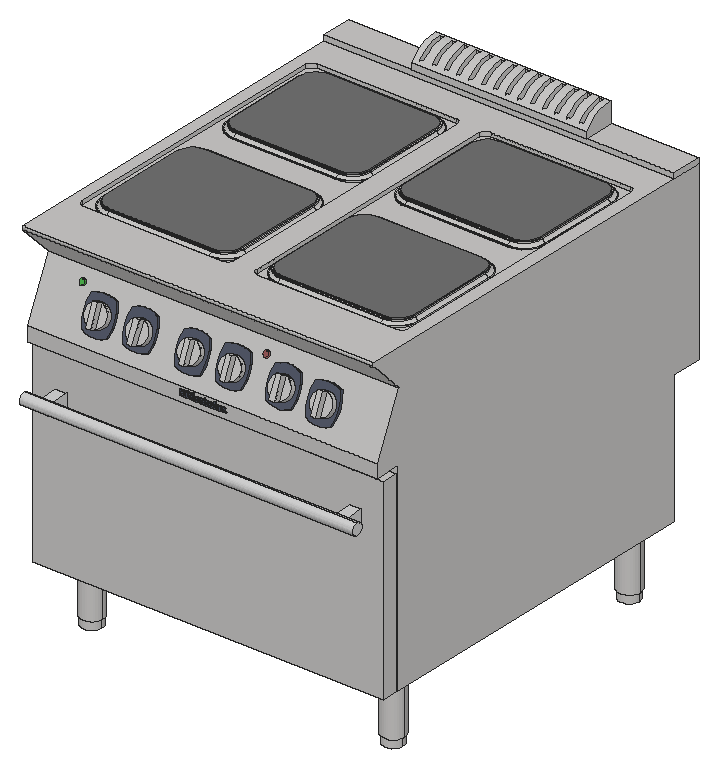
Revit family "QF_ELECTROLUXPROFESSIONAL_391167_E9ECEH4QEN", category Specialty Equipment, Revit 2018 (continued)
Automatic sketch dimensions
  curve 85 to curve 82 = 18.693 mm
  curve 79 to curve 81 = 9.296 mm
  plane 1 "BACK" to curve 75 = 6.761 mm
  curve 81 to curve 75 = 18.693 mm
  curve 75 to curve 76 = 9.296 mm
  plane 1 "BACK" to curve 71 = 6.761 mm
  curve 77 to curve 71 = 18.693 mm
  curve 71 to curve 72 = 9.296 mm
  plane 1 "BACK" to curve 66 = 6.761 mm
  curve 73 to curve 66 = 18.693 mm
  curve 63 to curve 65 = 9.296 mm
  curve 64 to curve 119 = 13.428 mm
  curve 2 to plane 3 "LEFT" = 100.019 mm
  curve 2 to plane 1 "BACK" = 100.019 mm
  plane 1 "BACK" to curve 102 = 6.761 mm
  plane 1 "BACK" to curve 98 = 6.761 mm
  plane 1 "BACK" to curve 94 = 6.761 mm
  curve 89 to curve 89 = 55.162 mm
  curve 85 to curve 88 = 0 mm
  curve 87 to curve 91 = 0 mm
  curve 81 to curve 84 = 0 mm
  curve 91 to curve 95 = 0 mm
  curve 77 to curve 80 = 0 mm
  curve 95 to curve 99 = 0 mm
  curve 73 to curve 76 = 0 mm
  curve 99 to curve 103 = 0 mm
  curve 69 to curve 69 = 55.162 mm
  curve 103 to curve 107 = 0 mm
  curve 65 to curve 72 = 0 mm
  curve 107 to curve 111 = 0 mm
  curve 111 to curve 117 = 0 mm
  curve 67 to curve 119 = 7.927 mm
  curve 8 to plane 7 "Center Y" = 25.249 mm
  curve 8 to curve 7 = 15 mm
  plane 10 to curve 9 = 6.885 mm
  curve 8 to curve 9 = 15 mm
  plane 15 to curve 7 = 13.5 mm
  plane 15 to curve 9 = 13.5 mm
  curve 7 to curve 6 = 15 mm
  curve 6 to plane 10 = 8.115 mm
  curve 8 to plane 10 = 8.115 mm
  curve 8 to plane 12 = 30.534 mm
  curve 6 to plane 12 = 30.534 mm
  curve 7 to plane 12 = 15.534 mm
  Extrusion 1 sketch curve to plane 6 "TOP" = 0 mm
  Extrusion 1 sketch curve to plane 11 = 0 mm
  Extrusion 1 sketch curve to plane 9 "BASE" = 0 mm
  Extrusion 1 sketch curve to plane 1 "BACK" = 0 mm
  Extrusion 1 sketch curve to plane 5 "FRONT" = 6.35 mm
  Extrusion 1 sketch curve to plane 5 "FRONT" = 1.959 mm
  Extrusion 1 sketch curve to plane 5 "FRONT" = 1.799 mm
  Extrusion 1 sketch curve to plane 11 = 55.977 mm
  plane 10 to Extrusion 1 sketch curve = 54.039 mm
  plane 12 to Extrusion 1 sketch curve = 57 mm
  plane 9 "BASE" to Extrusion 1 sketch curve = 300 mm
  Extrusion 1 sketch curve to plane 6 "TOP" = 244.211 mm
  Extrusion 1 sketch curve to Extrusion 1 sketch curve = 5.911 mm
  Extrusion 1 sketch curve to Extrusion 1 sketch curve = 32.253 mm
  Extrusion 1 sketch curve to plane 6 "TOP" = 83.191 mm
  Extrusion 1 sketch curve to plane 6 "TOP" = 9.015 mm
  Extrusion 2 sketch curve to plane 4 "RIGHT" = 27.5 mm
  plane 16 to Extrusion 2 sketch curve = 13.5 mm  (x2)
  plane 10 to Extrusion 2 sketch curve = 6.885 mm  (x2)
  Extrusion 2 sketch curve to plane 10 = 8.115 mm  (x3)
  plane 7 "Center Y" to Extrusion 2 sketch curve = 40.249 mm
  Extrusion 2 sketch curve to plane 12 = 15.534 mm  (x2)
  Extrusion 2 sketch curve to Extrusion 2 sketch curve = 15 mm  (x2)
  Extrusion 2 sketch curve to plane 7 "Center Y" = 25.249 mm
  plane 15 to Extrusion 2 sketch curve = 13.5 mm  (x2)
  plane 5 "FRONT" to Extrusion 3 sketch curve = 0 mm  (x2)
  Extrusion 3 sketch curve to plane 3 "LEFT" = 0 mm
  Extrusion 3 sketch curve to plane 4 "RIGHT" = 0 mm
  plane 1 "BACK" to Extrusion 3 sketch curve = 0 mm
  Extrusion 3 sketch curve to plane 3 "LEFT" = 100.019 mm
  plane 4 "RIGHT" to Extrusion 3 sketch curve = 100.019 mm
  Extrusion 3 sketch curve to plane 1 "BACK" = 100.019 mm
  Extrusion 4 sketch curve to Extrusion 2 = 19.225 mm  (x4)
  Extrusion 4 sketch curve to Extrusion 2 = 16.885 mm  (x3)
  Extrusion 4 sketch curve to Extrusion 4 sketch curve = 40 mm  (x6)
  Extrusion 4 sketch curve to Extrusion 2 = 53.026 mm  (x6)
  Extrusion 4 sketch curve to Extrusion 2 = 13.026 mm  (x4)
  Extrusion 4 sketch curve to Extrusion 2 = 59.225 mm  (x4)
  Extrusion 4 sketch curve to Extrusion 4 sketch curve = 189 mm
  Extrusion 4 sketch curve to Extrusion 4 sketch curve = 0 mm
  Extrusion 4 sketch curve to Extrusion 4 sketch curve = 81.581 mm  (x2)
  Extrusion 4 sketch curve to Extrusion 2 = 56.885 mm
  Sweep 5 sketch curve to Extrusion 4 = 40 mm
  Sweep 5 sketch curve to Sweep 5 sketch curve = 40 mm
  profile plane to Sweep 5 sketch curve = 0 mm
  profile plane to Sweep 5 sketch curve = 6.35 mm
  Sweep 5 sketch curve to Sweep 5 sketch curve = 1.714 mm
  profile plane to Sweep 5 sketch curve = 4.181 mm
  profile plane to Sweep 5 sketch curve = 12.291 mm
  Sweep 5 sketch curve to profile plane = 1.759 mm
  Sweep 5 sketch curve to Sweep 5 sketch curve = 1.891 mm
  Sweep 6 sketch curve to Extrusion 4 = 40 mm  (x2)
  profile plane to Sweep 6 sketch curve = 0 mm
  profile plane to Sweep 6 sketch curve = 6.35 mm
  Sweep 6 sketch curve to Sweep 6 sketch curve = 1.714 mm
  profile plane to Sweep 6 sketch curve = 4.181 mm
  profile plane to Sweep 6 sketch curve = 12.291 mm
  Sweep 6 sketch curve to profile plane = 1.759 mm
  Sweep 6 sketch curve to Sweep 6 sketch curve = 1.891 mm
  Extrusion 7 sketch curve to Extrusion 4 = 40 mm  (x6)
  Extrusion 7 sketch curve to Extrusion 7 sketch curve = 37 mm  (x2)
  Extrusion 1 to Extrusion 8 sketch curve = 29.678 mm
  Extrusion 1 to Extrusion 8 sketch curve = 89.398 mm
  Extrusion 9 sketch curve to Extrusion 9 sketch curve = 0 mm  (x23)
  Extrusion 9 sketch curve to plane 16 = 91.266 mm
  Extrusion 9 sketch curve to plane 15 = 81.734 mm
  plane 7 "Center Y" to Extrusion 9 sketch curve = 55.556 mm
  Extrusion 9 sketch curve to Extrusion 9 sketch curve = 24.732 mm  (x12)
  Extrusion 9 sketch curve to Extrusion 9 sketch curve = 5.786 mm  (x5)
  Extrusion 9 sketch curve to Extrusion 9 sketch curve = 83.428 mm
  Extrusion 9 sketch curve to plane 7 "Center Y" = 38.194 mm
  Extrusion 9 sketch curve to Extrusion 9 sketch curve = 105.928 mm
  Extrusion 9 sketch curve to Extrusion 9 sketch curve = 11.572 mm
  Extrusion 10 sketch curve to plane 7 "Center Y" = 161.537 mm
  Extrusion 10 sketch curve to plane 7 "Center Y" = 44.037 mm
  Extrusion 10 sketch curve to Extrusion 10 sketch curve = 0 mm  (x5)
  plane 7 "Center Y" to Extrusion 10 sketch curve = 49.713 mm
  Extrusion 10 sketch curve to Extrusion 10 sketch curve = 113.75 mm
  Extrusion 10 sketch curve to plane 16 = 85.537 mm
  Extrusion 10 sketch curve to plane 15 = 87.463 mm
  Extrusion 13 sketch curve to Extrusion 1 = 31.119 mm  (x6)
  Extrusion 13 sketch curve to Extrusion 1 = 33.619 mm  (x6)
  Extrusion 13 sketch curve to Extrusion 13 sketch curve = 12.3 mm  (x18)
  Extrusion 13 sketch curve to Extrusion 13 sketch curve = 32.425 mm  (x3)
  Extrusion 13 sketch curve to Extrusion 13 sketch curve = 34.925 mm  (x4)
  Extrusion 13 sketch curve to Extrusion 13 sketch curve = 2.5 mm  (x4)
  Extrusion 13 sketch curve to Extrusion 13 sketch curve = 0 mm
  Extrusion 13 sketch curve to Extrusion 13 sketch curve = 20.02 mm  (x3)
  Extrusion 13 sketch curve to Extrusion 13 sketch curve = 45.146 mm  (x3)
  Extrusion 1 to Extrusion 13 sketch curve = 89.526 mm
  Extrusion 13 sketch curve to Extrusion 13 sketch curve = 25.727 mm  (x3)
  Extrusion 13 sketch curve to Extrusion 13 sketch curve = 25.771 mm
  Extrusion 13 sketch curve to Extrusion 13 sketch curve = 28.531 mm  (x2)
  Extrusion 13 sketch curve to Extrusion 13 sketch curve = 15.703 mm  (x3)
  Extrusion 13 sketch curve to Extrusion 13 sketch curve = 35.707 mm
  Extrusion 13 sketch curve to Extrusion 13 sketch curve = 10.068 mm
  Extrusion 13 sketch curve to Extrusion 13 sketch curve = 5.896 mm
  Extrusion 13 sketch curve to Extrusion 13 sketch curve = 25.683 mm  (x2)
  Extrusion 13 sketch curve to Extrusion 13 sketch curve = 28.575 mm  (x4)
  Extrusion 13 sketch curve to Extrusion 13 sketch curve = 9.98 mm  (x2)
  Extrusion 13 sketch curve to Extrusion 13 sketch curve = 35.795 mm  (x2)
  Extrusion 13 sketch curve to Extrusion 13 sketch curve = 10.803 mm
  plane 1 "BACK" to Extrusion 14 sketch curve = 6.761 mm
  Extrusion 14 sketch curve to plane 15 = 166.749 mm
  Extrusion 14 sketch curve to Extrusion 14 sketch curve = 9.296 mm
  Extrusion 14 sketch curve to Extrusion 14 sketch curve = 55.162 mm
  Extrusion 15 sketch curve to plane 1 "BACK" = 6.761 mm
  plane 16 to Extrusion 15 sketch curve = 166.749 mm
  Extrusion 15 sketch curve to Extrusion 15 sketch curve = 9.296 mm
  Extrusion 15 sketch curve to Extrusion 15 sketch curve = 55.162 mm
  plane 1 "BACK" to Extrusion 16 sketch curve = 6.761 mm
  Extrusion 16 sketch curve to plane 7 "Center Y" = 149.263 mm
  Extrusion 16 sketch curve to Extrusion 16 sketch curve = 9.296 mm
  Extrusion 16 sketch curve to Extrusion 16 sketch curve = 55.162 mm
  plane 1 "BACK" to Extrusion 17 sketch curve = 6.761 mm
  Extrusion 17 sketch curve to plane 7 "Center Y" = 121.275 mm
  Extrusion 17 sketch curve to Extrusion 17 sketch curve = 9.296 mm
  Extrusion 17 sketch curve to Extrusion 17 sketch curve = 55.162 mm
  plane 1 "BACK" to Extrusion 18 sketch curve = 6.761 mm
  Extrusion 18 sketch curve to plane 7 "Center Y" = 93.311 mm
  Extrusion 18 sketch curve to Extrusion 18 sketch curve = 9.296 mm
  Extrusion 18 sketch curve to Extrusion 18 sketch curve = 55.162 mm
  plane 1 "BACK" to Extrusion 19 sketch curve = 6.761 mm
  Extrusion 19 sketch curve to plane 7 "Center Y" = 65.323 mm
  Extrusion 19 sketch curve to Extrusion 19 sketch curve = 9.296 mm
  Extrusion 19 sketch curve to Extrusion 19 sketch curve = 55.162 mm
  plane 1 "BACK" to Extrusion 20 sketch curve = 6.761 mm
  Extrusion 20 sketch curve to plane 7 "Center Y" = 37.335 mm
  Extrusion 20 sketch curve to Extrusion 20 sketch curve = 9.296 mm
  Extrusion 20 sketch curve to Extrusion 20 sketch curve = 55.162 mm
  Extrusion 21 sketch curve to plane 7 "Center Y" = 9.346 mm
  Extrusion 21 sketch curve to Extrusion 21 sketch curve = 9.296 mm
  plane 1 "BACK" to Extrusion 21 sketch curve = 6.761 mm
  Extrusion 21 sketch curve to Extrusion 21 sketch curve = 55.162 mm
  plane 1 "BACK" to Extrusion 22 sketch curve = 6.761 mm
  plane 7 "Center Y" to Extrusion 22 sketch curve = 18.642 mm
  Extrusion 22 sketch curve to Extrusion 22 sketch curve = 9.296 mm
  Extrusion 22 sketch curve to Extrusion 22 sketch curve = 55.162 mm
  plane 1 "BACK" to Extrusion 23 sketch curve = 6.761 mm
  plane 7 "Center Y" to Extrusion 23 sketch curve = 46.63 mm
  Extrusion 23 sketch curve to Extrusion 23 sketch curve = 9.296 mm
  Extrusion 23 sketch curve to Extrusion 23 sketch curve = 55.162 mm
  plane 1 "BACK" to Extrusion 24 sketch curve = 6.761 mm
  plane 7 "Center Y" to Extrusion 24 sketch curve = 74.619 mm
  Extrusion 24 sketch curve to Extrusion 24 sketch curve = 9.296 mm
  Extrusion 24 sketch curve to Extrusion 24 sketch curve = 55.162 mm
  plane 1 "BACK" to Extrusion 25 sketch curve = 6.761 mm
  plane 7 "Center Y" to Extrusion 25 sketch curve = 102.582 mm
  Extrusion 25 sketch curve to Extrusion 25 sketch curve = 9.296 mm
  Extrusion 25 sketch curve to Extrusion 25 sketch curve = 55.162 mm
  plane 1 "BACK" to Extrusion 26 sketch curve = 6.761 mm
  plane 7 "Center Y" to Extrusion 26 sketch curve = 130.57 mm
  Extrusion 26 sketch curve to Extrusion 26 sketch curve = 9.296 mm
  Extrusion 26 sketch curve to Extrusion 26 sketch curve = 55.162 mm
  plane 1 "BACK" to Extrusion 27 sketch curve = 6.761 mm
  plane 7 "Center Y" to Extrusion 27 sketch curve = 158.559 mm
  Extrusion 27 sketch curve to Extrusion 27 sketch curve = 9.296 mm
  Extrusion 27 sketch curve to Extrusion 27 sketch curve = 55.162 mm
  Sweep 28 sketch curve to Extrusion 4 = 40 mm
  Sweep 28 sketch curve to Sweep 28 sketch curve = 40 mm
  profile plane to Sweep 28 sketch curve = 0 mm
  Sweep 28 sketch curve to profile plane = 6.35 mm
  Sweep 28 sketch curve to Sweep 28 sketch curve = 1.714 mm
  profile plane to Sweep 28 sketch curve = 4.181 mm
  Sweep 28 sketch curve to profile plane = 12.291 mm
  Sweep 28 sketch curve to profile plane = 1.759 mm
  Sweep 28 sketch curve to Sweep 28 sketch curve = 1.891 mm
  Sweep 29 sketch curve to Extrusion 4 = 40 mm  (x2)
  profile plane to Sweep 29 sketch curve = 0 mm
  Sweep 29 sketch curve to profile plane = 6.35 mm
  Sweep 29 sketch curve to Sweep 29 sketch curve = 1.714 mm
  profile plane to Sweep 29 sketch curve = 4.181 mm
  Sweep 29 sketch curve to profile plane = 12.291 mm
  Sweep 29 sketch curve to profile plane = 1.759 mm
  Sweep 29 sketch curve to Sweep 29 sketch curve = 1.891 mm
  Extrusion 1 to Extrusion 30 sketch curve = 0 mm
  Extrusion 30 sketch curve to Extrusion 1 = 0 mm  (x2)
  Extrusion 1 to Extrusion 30 sketch curve = 16.989 mm
  Revolve 31 sketch curve to plane 9 "BASE" = 0 mm  (x2)
  Revolve 31 sketch curve to level = 0 mm
  Revolve 31 sketch curve to plane 16 = 0 mm  (x2)
  Revolve 31 sketch curve to plane 16 = 22.9 mm
  Revolve 31 sketch curve to Revolve 31 sketch curve = 2.5 mm
  level to Revolve 31 sketch curve = 19.05 mm
  plane 9 "BASE" to Revolve 31 sketch curve = 20 mm
  Revolve 32 sketch curve to plane 9 "BASE" = 0 mm  (x2)
  Revolve 32 sketch curve to level = 0 mm
  plane 15 to Revolve 32 sketch curve = 0 mm  (x2)
  plane 15 to Revolve 32 sketch curve = 22.9 mm
  Revolve 32 sketch curve to Revolve 32 sketch curve = 2.5 mm
  level to Revolve 32 sketch curve = 19.05 mm
  plane 9 "BASE" to Revolve 32 sketch curve = 20 mm
  Revolve 33 sketch curve to plane 9 "BASE" = 0 mm  (x2)
  Revolve 33 sketch curve to level = 0 mm
  Revolve 33 sketch curve to plane 16 = 0 mm  (x2)
  Revolve 33 sketch curve to plane 16 = 22.9 mm
  Revolve 33 sketch curve to Revolve 33 sketch curve = 2.5 mm
  level to Revolve 33 sketch curve = 19.05 mm
  plane 9 "BASE" to Revolve 33 sketch curve = 20 mm
  Revolve 34 sketch curve to plane 9 "BASE" = 0 mm  (x2)
  Revolve 34 sketch curve to level = 0 mm
  plane 15 to Revolve 34 sketch curve = 0 mm  (x2)
  plane 15 to Revolve 34 sketch curve = 22.9 mm
  Revolve 34 sketch curve to Revolve 34 sketch curve = 2.5 mm
  level to Revolve 34 sketch curve = 19.05 mm
  plane 9 "BASE" to Revolve 34 sketch curve = 20 mm
  Extrusion 35 sketch curve to plane 1 "BACK" = 0 mm
  plane 1 "BACK" to Extrusion 35 sketch curve = 1.769 mm
  plane 6 "TOP" to Extrusion 35 sketch curve = 25.4 mm
  plane 12 to Extrusion 35 sketch curve = 58.15 mm
  plane 6 "TOP" to Extrusion 35 sketch curve = 11.923 mm
  Extrusion 35 sketch curve to plane 6 "TOP" = 27.335 mm
  Extrusion 36 sketch curve to Extrusion 30 = 0 mm
  Extrusion 30 to Extrusion 36 sketch curve = 0 mm  (x2)
  Extrusion 36 sketch curve to Extrusion 30 = 17.597 mm
  Extrusion 36 sketch curve to Extrusion 30 = 48.034 mm
  Extrusion 37 sketch curve to plane 11 = 15.129 mm
  Extrusion 37 sketch curve to plane 6 "TOP" = 357.058 mm
  plane 5 "FRONT" to Extrusion 37 sketch curve = 17.679 mm
  Extrusion 37 sketch curve to Extrusion 37 sketch curve = 3.343 mm
  Extrusion 37 sketch curve to Extrusion 37 sketch curve = 2.066 mm
  Extrusion 37 sketch curve to Extrusion 37 sketch curve = 0 mm  (x2)
  Extrusion 37 sketch curve to Extrusion 37 sketch curve = 1.593 mm
  Extrusion 37 sketch curve to Extrusion 37 sketch curve = 5.756 mm
  Extrusion 37 sketch curve to Extrusion 37 sketch curve = 4.906 mm
  Extrusion 37 sketch curve to Extrusion 37 sketch curve = 5.312 mm
  plane 5 "FRONT" to Extrusion 37 sketch curve = 8.549 mm
  Extrusion 37 sketch curve to Extrusion 37 sketch curve = 11.3 mm
  Extrusion 37 sketch curve to Extrusion 37 sketch curve = 28.009 mm
  plane 5 "FRONT" to Extrusion 37 sketch curve = 11.379 mm
  plane 5 "FRONT" to Extrusion 38 sketch curve = 19.749 mm
  Extrusion 38 sketch curve to plane 6 "TOP" = 337.741 mm
  Extrusion 39 sketch curve to plane 11 = 15.129 mm
  Extrusion 39 sketch curve to plane 6 "TOP" = 357.058 mm
  plane 5 "FRONT" to Extrusion 39 sketch curve = 17.679 mm
  Extrusion 39 sketch curve to Extrusion 39 sketch curve = 3.343 mm
  Extrusion 39 sketch curve to Extrusion 39 sketch curve = 2.066 mm
  Extrusion 39 sketch curve to Extrusion 39 sketch curve = 0 mm  (x2)
  Extrusion 39 sketch curve to Extrusion 39 sketch curve = 1.593 mm
  Extrusion 39 sketch curve to Extrusion 39 sketch curve = 5.756 mm
  Extrusion 39 sketch curve to Extrusion 39 sketch curve = 4.906 mm
  Extrusion 39 sketch curve to Extrusion 39 sketch curve = 5.312 mm
  plane 5 "FRONT" to Extrusion 39 sketch curve = 8.549 mm
  Extrusion 39 sketch curve to Extrusion 39 sketch curve = 11.3 mm
  Extrusion 39 sketch curve to Extrusion 39 sketch curve = 28.009 mm
  Extrusion 39 sketch curve to Extrusion 39 sketch curve = 11.2 mm
  Extrusion 40 sketch curve to Extrusion 1 = 0 mm  (x2)
  Extrusion 1 to Extrusion 40 sketch curve = 1.15 mm
  Extrusion 1 to Extrusion 40 sketch curve = 11.923 mm
  Extrusion 1 to Extrusion 41 sketch curve = 29.678 mm
  Extrusion 1 to Extrusion 41 sketch curve = 290.602 mm
  curve 14 to curve 22 = 0 mm  (x2)
  curve 14 to curve 30 = 0 mm  (x2)
  curve 14 to curve 38 = 0 mm  (x2)
  curve 16 to curve 24 = 0 mm  (x2)
  curve 16 to curve 36 = 0 mm
  curve 18 to curve 26 = 0 mm  (x2)
  curve 18 to curve 34 = 0 mm
  curve 20 to curve 28 = 0 mm
  curve 20 to curve 32 = 0 mm  (x2)
  curve 20 to curve 44 = 0 mm  (x2)
  curve 24 to curve 36 = 0 mm
  curve 34 to curve 42 = 0 mm  (x2)
  curve 36 to curve 40 = 0 mm
  curve 46 to curve 54 = 0 mm
  curve 46 to curve 161 = 0 mm
  curve 46 to curve 163 = 0 mm
  curve 48 to curve 56 = 0 mm  (x2)
  curve 48 to curve 159 = 0 mm  (x2)
  curve 48 to curve 165 = 0 mm  (x2)
  curve 50 to curve 58 = 0 mm  (x2)
  curve 50 to curve 157 = 0 mm  (x2)
  curve 50 to curve 167 = 0 mm  (x2)
  curve 52 to curve 60 = 0 mm  (x2)
  curve 60 to curve 169 = 0 mm
  curve 122 to curve 130 = 0 mm  (x2)
  curve 122 to curve 138 = 0 mm  (x2)
  curve 124 to curve 132 = 0 mm  (x2)
  curve 126 to curve 134 = 0 mm  (x2)
  curve 128 to curve 136 = 0 mm
  curve 132 to curve 148 = 0 mm  (x2)
  curve 134 to curve 142 = 0 mm
  curve 136 to curve 152 = 0 mm  (x2)
  curve 138 to curve 146 = 0 mm
  curve 140 to curve 152 = 0 mm  (x2)
  curve 142 to curve 150 = 0 mm  (x2)
  curve 144 to curve 148 = 0 mm  (x2)
  curve 155 to curve 169 = 0 mm  (x2)
  curve 161 to curve 163 = 0 mm
  curve 170 to curve 185 = 0 mm  (x2)
  curve 172 to curve 199 = 0 mm  (x2)
  curve 174 to curve 190 = 0 mm  (x2)
  curve 174 to curve 197 = 0 mm  (x2)
  curve 176 to curve 183 = 0 mm
  curve 176 to curve 195 = 0 mm  (x2)
  curve 179 to curve 188 = 0 mm
  curve 179 to curve 199 = 0 mm  (x2)
  curve 181 to curve 197 = 0 mm  (x2)
  curve 185 to curve 200 = 0 mm
  curve 186 to curve 200 = 0 mm  (x2)
  curve 188 to curve 199 = 0 mm
  curve 192 to curve 195 = 0 mm
  curve 227 to plane 4 "RIGHT" = 0 mm
  plane 5 "FRONT" to curve 219 = 0 mm
  plane 1 "BACK" to curve 121 = 0 mm
  curve 210 to plane 3 "LEFT" = 0 mm
  curve 226 to plane 3 "LEFT" = 0 mm
  plane 5 "FRONT" to curve 214 = 7.049 mm
  curve 214 to plane 4 "RIGHT" = 19.875 mm
  curve 206 to plane 4 "RIGHT" = 27.5 mm
  plane 16 to curve 146 = 17.339 mm
  plane 16 to curve 190 = 17.339 mm
  curve 192 to curve 196 = 1.714 mm
  curve 147 to curve 145 = 1.714 mm
  plane 16 to curve 206 = 13.5 mm
  plane 10 to curve 208 = 6.885 mm
  plane 16 to curve 208 = 13.5 mm
  curve 144 to curve 131 = 6.35 mm
  curve 195 to curve 182 = 6.35 mm
  curve 182 to curve 176 = 3 mm
  curve 130 to curve 122 = 3 mm
  plane 16 to curve 214 = 5.2 mm
  curve 221 to plane 16 = 20.2 mm
  curve 125 to plane 16 = 30.725 mm
  curve 130 to plane 16 = 30.725 mm
  curve 174 to plane 10 = 13 mm
  curve 174 to plane 16 = 30.725 mm
  curve 176 to plane 16 = 30.725 mm
  plane 12 to curve 121 = 58.15 mm
  curve 146 to curve 121 = 113.275 mm
  plane 7 "Center Y" to curve 184 = 78.275 mm
  plane 7 "Center Y" to curve 172 = 78.275 mm
  plane 7 "Center Y" to curve 136 = 78.275 mm
  plane 8 "Center X" to curve 134 = 35.581 mm
  curve 134 to curve 193 = 0 mm
  curve 128 to curve 128 = 37 mm
  curve 170 to curve 171 = 37 mm
  curve 202 to plane 10 = 8.115 mm
  curve 179 to curve 202 = 38.026 mm
  curve 204 to curve 204 = 15 mm
  curve 11 to plane 7 "Center Y" = 25.249 mm
  curve 12 to plane 10 = 8.115 mm
  curve 12 to plane 7 "Center Y" = 25.249 mm
  curve 169 to plane 7 "Center Y" = 30.211 mm
  curve 42 to plane 7 "Center Y" = 30.211 mm
  curve 43 to curve 32 = 1.714 mm
  curve 169 to curve 156 = 1.714 mm
  curve 156 to curve 51 = 6.35 mm
  curve 33 to curve 27 = 6.35 mm
  curve 11 to curve 11 = 15 mm
  curve 12 to curve 12 = 15 mm
  curve 51 to curve 58 = 3 mm
  curve 27 to curve 20 = 3 mm
  curve 162 to plane 8 "Center X" = 37.936 mm
  curve 59 to curve 162 = 37 mm
  plane 8 "Center X" to curve 42 = 27.516 mm
  curve 19 to curve 42 = 37 mm
  curve 19 to curve 44 = 37 mm
  curve 49 to plane 10 = 10 mm
  curve 12 to curve 49 = 38.026 mm
  curve 120 to plane 15 = 144 mm
  curve 14 to plane 15 = 30.725 mm
  curve 56 to plane 15 = 30.725 mm
  curve 54 to plane 15 = 30.725 mm
  curve 25 to plane 15 = 30.725 mm
  curve 218 to plane 15 = 20.2 mm
  plane 15 to curve 216 = 5.2 mm
  plane 15 to curve 16 = 6.275 mm
  plane 15 to curve 56 = 6.275 mm
  plane 15 to curve 10 = 13.5 mm
  plane 10 to curve 13 = 6.885 mm
  plane 15 to curve 13 = 13.5 mm
  curve 10 to curve 10 = 15 mm
  curve 13 to plane 10 = 8.115 mm
  plane 5 "FRONT" to curve 215 = 7.049 mm
  plane 3 "LEFT" to curve 215 = 19.875 mm
  plane 12 to curve 120 = 58.15 mm
  plane 12 to curve 227 = 57 mm
  curve 11 to plane 12 = 15.534 mm
  curve 205 to plane 12 = 15.534 mm
  curve 10 to plane 12 = 15.534 mm
  curve 38 to plane 12 = 24.355 mm
  curve 146 to plane 12 = 24.355 mm
  curve 193 to plane 8 "Center X" = 37.936 mm
  plane 5 "FRONT" to curve 222 = 7.049 mm
  curve 222 to curve 220 = 15.802 mm
  curve 222 to curve 218 = 15.802 mm
  curve 215 to curve 212 = 25.4 mm
  curve 226 to plane 18 = 0.314 mm
  plane 7 "Center Y" to Extrusion 42 sketch curve = 20.825 mm
  Extrusion 42 sketch curve to plane 6 "TOP" = 235.349 mm
  Extrusion 42 sketch curve to plane 7 "Center Y" = 14.274 mm
  Extrusion 42 sketch curve to Extrusion 42 sketch curve = 5.041 mm
  plane 7 "Center Y" to Extrusion 42 sketch curve = 5.502 mm
  Extrusion 42 sketch curve to Extrusion 42 sketch curve = 5.06 mm
  Extrusion 42 sketch curve to Extrusion 42 sketch curve = 0 mm  (x28)
  Extrusion 42 sketch curve to Extrusion 42 sketch curve = 5.108 mm  (x2)
  Extrusion 42 sketch curve to Extrusion 42 sketch curve = 0.054 mm
  Extrusion 42 sketch curve to Extrusion 42 sketch curve = 0.218 mm
  Extrusion 42 sketch curve to Extrusion 42 sketch curve = 0.195 mm
  Extrusion 42 sketch curve to Extrusion 42 sketch curve = 0.249 mm
  Extrusion 42 sketch curve to Extrusion 42 sketch curve = 0.316 mm
  Extrusion 42 sketch curve to Extrusion 42 sketch curve = 0.087 mm
  Extrusion 42 sketch curve to Extrusion 42 sketch curve = 0.358 mm
  Extrusion 42 sketch curve to Extrusion 42 sketch curve = 0.481 mm
  Extrusion 42 sketch curve to Extrusion 42 sketch curve = 0.597 mm
  Extrusion 42 sketch curve to Extrusion 42 sketch curve = 0.544 mm
  Extrusion 42 sketch curve to Extrusion 42 sketch curve = 0.936 mm
  Extrusion 42 sketch curve to Extrusion 42 sketch curve = 0.594 mm
  Extrusion 42 sketch curve to Extrusion 42 sketch curve = 0.343 mm
  Extrusion 42 sketch curve to Extrusion 42 sketch curve = 0.159 mm
  Extrusion 42 sketch curve to Extrusion 42 sketch curve = 0.826 mm
  Extrusion 42 sketch curve to Extrusion 42 sketch curve = 0.839 mm
  Extrusion 42 sketch curve to Extrusion 42 sketch curve = 0.852 mm
  Extrusion 42 sketch curve to Extrusion 42 sketch curve = 0.887 mm
  Extrusion 42 sketch curve to Extrusion 42 sketch curve = 0.928 mm
  Extrusion 42 sketch curve to Extrusion 42 sketch curve = 0.938 mm
  Extrusion 42 sketch curve to Extrusion 42 sketch curve = 0.444 mm
  Extrusion 42 sketch curve to Extrusion 42 sketch curve = 1.11 mm  (x3)
  plane 7 "Center Y" to Extrusion 42 sketch curve = 43.259 mm
  Extrusion 42 sketch curve to Extrusion 42 sketch curve = 0.215 mm
  Extrusion 42 sketch curve to plane 7 "Center Y" = 0.135 mm
  Extrusion 42 sketch curve to Extrusion 42 sketch curve = 1.43 mm
  Extrusion 42 sketch curve to Extrusion 42 sketch curve = 1.188 mm
  Extrusion 42 sketch curve to Extrusion 42 sketch curve = 1.21 mm  (x2)
  Extrusion 42 sketch curve to Extrusion 42 sketch curve = 0.503 mm
  plane 7 "Center Y" to Extrusion 42 sketch curve = 48.528 mm
  Extrusion 42 sketch curve to Extrusion 42 sketch curve = 0.488 mm
  plane 7 "Center Y" to Extrusion 42 sketch curve = 52.455 mm
  Extrusion 42 sketch curve to Extrusion 42 sketch curve = 0.462 mm
  Extrusion 42 sketch curve to Extrusion 42 sketch curve = 1.386 mm
  Extrusion 42 sketch curve to Extrusion 42 sketch curve = 1.742 mm
  Extrusion 42 sketch curve to Extrusion 42 sketch curve = 0.821 mm
  Extrusion 42 sketch curve to Extrusion 42 sketch curve = 0.497 mm
  Extrusion 42 sketch curve to Extrusion 42 sketch curve = 0.539 mm
  Extrusion 42 sketch curve to Extrusion 42 sketch curve = 0.686 mm
  Extrusion 42 sketch curve to plane 7 "Center Y" = 0.509 mm
  Extrusion 42 sketch curve to Extrusion 42 sketch curve = 0.408 mm
  Extrusion 42 sketch curve to Extrusion 42 sketch curve = 0.743 mm
  Extrusion 42 sketch curve to Extrusion 42 sketch curve = 1.16 mm
  Extrusion 42 sketch curve to Extrusion 42 sketch curve = 0.329 mm
  Extrusion 42 sketch curve to Extrusion 42 sketch curve = 1.054 mm
  Extrusion 42 sketch curve to Extrusion 42 sketch curve = 1.056 mm
  Extrusion 42 sketch curve to Extrusion 42 sketch curve = 0.129 mm
  Extrusion 42 sketch curve to Extrusion 42 sketch curve = 0.489 mm
  Extrusion 42 sketch curve to Extrusion 42 sketch curve = 0.441 mm
  Extrusion 42 sketch curve to Extrusion 42 sketch curve = 1.151 mm
  Extrusion 42 sketch curve to Extrusion 42 sketch curve = 1.141 mm  (x2)
  Extrusion 42 sketch curve to Extrusion 42 sketch curve = 0.768 mm
  Extrusion 42 sketch curve to Extrusion 42 sketch curve = 1.653 mm
  Extrusion 42 sketch curve to Extrusion 42 sketch curve = 0.499 mm
  Extrusion 42 sketch curve to Extrusion 42 sketch curve = 0.964 mm
  Extrusion 42 sketch curve to Extrusion 42 sketch curve = 0.949 mm
  Extrusion 42 sketch curve to Extrusion 42 sketch curve = 1.345 mm  (x3)
  Extrusion 42 sketch curve to Extrusion 42 sketch curve = 1.101 mm
  Extrusion 42 sketch curve to Extrusion 42 sketch curve = 0.432 mm
  Extrusion 42 sketch curve to Extrusion 42 sketch curve = 1.142 mm
  Extrusion 42 sketch curve to Extrusion 42 sketch curve = 0.959 mm
  Extrusion 42 sketch curve to Extrusion 42 sketch curve = 0.176 mm
  Extrusion 42 sketch curve to Extrusion 42 sketch curve = 0.728 mm
  Extrusion 42 sketch curve to Extrusion 42 sketch curve = 3.375 mm  (x2)
  Extrusion 42 sketch curve to Extrusion 42 sketch curve = 0.541 mm
  Extrusion 42 sketch curve to Extrusion 42 sketch curve = 0.955 mm
  Extrusion 42 sketch curve to Extrusion 42 sketch curve = 1.251 mm
  Extrusion 42 sketch curve to Extrusion 42 sketch curve = 0.572 mm
  plane 7 "Center Y" to Extrusion 42 sketch curve = 47.152 mm
  Extrusion 42 sketch curve to Extrusion 42 sketch curve = 1.92 mm
  Extrusion 42 sketch curve to Extrusion 42 sketch curve = 1.224 mm
  Extrusion 42 sketch curve to Extrusion 42 sketch curve = 0.745 mm
  Extrusion 42 sketch curve to Extrusion 42 sketch curve = 0.036 mm
  Extrusion 42 sketch curve to Extrusion 42 sketch curve = 0.896 mm  (x3)
  Extrusion 42 sketch curve to Extrusion 42 sketch curve = 2.607 mm
  Extrusion 42 sketch curve to Extrusion 42 sketch curve = 0.066 mm
  Extrusion 42 sketch curve to Extrusion 42 sketch curve = 0.248 mm
  Extrusion 42 sketch curve to Extrusion 42 sketch curve = 0.449 mm
  plane 7 "Center Y" to Extrusion 42 sketch curve = 46.371 mm
  Extrusion 42 sketch curve to Extrusion 42 sketch curve = 1.052 mm
  Extrusion 42 sketch curve to Extrusion 42 sketch curve = 1.863 mm
  Extrusion 42 sketch curve to Extrusion 42 sketch curve = 1.31 mm  (x2)
  Extrusion 42 sketch curve to Extrusion 42 sketch curve = 0.901 mm
  Extrusion 42 sketch curve to Extrusion 42 sketch curve = 1.107 mm
  Extrusion 42 sketch curve to Extrusion 42 sketch curve = 2.122 mm
  Extrusion 42 sketch curve to Extrusion 42 sketch curve = 2.101 mm
  Extrusion 42 sketch curve to Extrusion 42 sketch curve = 0.106 mm
  Extrusion 42 sketch curve to Extrusion 42 sketch curve = 0.029 mm
  plane 7 "Center Y" to Extrusion 42 sketch curve = 49.174 mm
  Extrusion 42 sketch curve to Extrusion 42 sketch curve = 2.09 mm
  Extrusion 42 sketch curve to Extrusion 42 sketch curve = 1.279 mm
  Extrusion 42 sketch curve to Extrusion 42 sketch curve = 2.008 mm
  Extrusion 42 sketch curve to Extrusion 42 sketch curve = 0.738 mm
  Extrusion 42 sketch curve to Extrusion 42 sketch curve = 0.382 mm
  Extrusion 42 sketch curve to Extrusion 42 sketch curve = 0.384 mm
  Extrusion 42 sketch curve to Extrusion 42 sketch curve = 0.002 mm
  Extrusion 42 sketch curve to Extrusion 42 sketch curve = 0.561 mm
  Extrusion 42 sketch curve to Extrusion 42 sketch curve = 0.592 mm
  Extrusion 42 sketch curve to Extrusion 42 sketch curve = 2.692 mm
  Extrusion 42 sketch curve to Extrusion 42 sketch curve = 1.259 mm
  plane 7 "Center Y" to Extrusion 42 sketch curve = 48.391 mm
  Extrusion 42 sketch curve to Extrusion 42 sketch curve = 0.802 mm
  Extrusion 42 sketch curve to Extrusion 42 sketch curve = 1.024 mm  (x2)
  Extrusion 42 sketch curve to Extrusion 42 sketch curve = 0.682 mm
  Extrusion 42 sketch curve to Extrusion 42 sketch curve = 5.934 mm
  Extrusion 42 sketch curve to Extrusion 42 sketch curve = 2.186 mm
  Extrusion 42 sketch curve to Extrusion 42 sketch curve = 0.337 mm
  Extrusion 42 sketch curve to Extrusion 42 sketch curve = 0.021 mm
  Extrusion 42 sketch curve to Extrusion 42 sketch curve = 1.005 mm
  Extrusion 42 sketch curve to Extrusion 42 sketch curve = 0.552 mm
  Extrusion 42 sketch curve to Extrusion 42 sketch curve = 0.778 mm
  Extrusion 42 sketch curve to Extrusion 42 sketch curve = 0.063 mm
  Extrusion 42 sketch curve to Extrusion 42 sketch curve = 1.023 mm
  Extrusion 42 sketch curve to Extrusion 42 sketch curve = 3.804 mm
  Extrusion 42 sketch curve to Extrusion 42 sketch curve = 0.486 mm
  Extrusion 42 sketch curve to Extrusion 42 sketch curve = 0.266 mm
  Extrusion 42 sketch curve to plane 7 "Center Y" = 1.254 mm
  Extrusion 42 sketch curve to Extrusion 42 sketch curve = 1.547 mm
  Extrusion 42 sketch curve to Extrusion 42 sketch curve = 0.717 mm  (x2)
  Extrusion 42 sketch curve to Extrusion 42 sketch curve = 1.667 mm
  plane 7 "Center Y" to Extrusion 42 sketch curve = 44.065 mm
  Extrusion 42 sketch curve to Extrusion 42 sketch curve = 3.174 mm
  Extrusion 42 sketch curve to plane 7 "Center Y" = 0.099 mm
  Extrusion 42 sketch curve to Extrusion 42 sketch curve = 0.388 mm
  Extrusion 42 sketch curve to Extrusion 42 sketch curve = 1.342 mm
  plane 7 "Center Y" to Extrusion 42 sketch curve = 49.668 mm
  Extrusion 42 sketch curve to Extrusion 42 sketch curve = 1.521 mm
  plane 7 "Center Y" to Extrusion 42 sketch curve = 51.227 mm
  Extrusion 42 sketch curve to Extrusion 42 sketch curve = 0.124 mm
  plane 7 "Center Y" to Extrusion 42 sketch curve = 0.172 mm
  Extrusion 42 sketch curve to Extrusion 42 sketch curve = 0.291 mm
  plane 7 "Center Y" to Extrusion 42 sketch curve = 6.818 mm
  Extrusion 42 sketch curve to Extrusion 42 sketch curve = 1.049 mm  (x2)
  plane 7 "Center Y" to Extrusion 42 sketch curve = 47.201 mm
  Extrusion 42 sketch curve to Extrusion 42 sketch curve = 1.7 mm
  Extrusion 42 sketch curve to Extrusion 42 sketch curve = 0.894 mm
  Extrusion 42 sketch curve to Extrusion 42 sketch curve = 0.989 mm
  Extrusion 42 sketch curve to Extrusion 42 sketch curve = 1.168 mm
  Extrusion 42 sketch curve to Extrusion 42 sketch curve = 1.594 mm
  Extrusion 42 sketch curve to Extrusion 42 sketch curve = 0.731 mm
  Extrusion 42 sketch curve to Extrusion 42 sketch curve = 1.566 mm
  Extrusion 42 sketch curve to Extrusion 42 sketch curve = 0.064 mm
  plane 7 "Center Y" to Extrusion 42 sketch curve = 7.375 mm
  Extrusion 42 sketch curve to Extrusion 42 sketch curve = 0.556 mm
  Extrusion 42 sketch curve to Extrusion 42 sketch curve = 0.48 mm
  Extrusion 42 sketch curve to Extrusion 42 sketch curve = 1.018 mm
  plane 7 "Center Y" to Extrusion 42 sketch curve = 36.962 mm
  Extrusion 42 sketch curve to Extrusion 42 sketch curve = 0.787 mm
  Extrusion 42 sketch curve to Extrusion 42 sketch curve = 0.618 mm
  plane 7 "Center Y" to Extrusion 42 sketch curve = 42.019 mm
  Extrusion 42 sketch curve to Extrusion 42 sketch curve = 1.672 mm
  plane 7 "Center Y" to Extrusion 42 sketch curve = 52.969 mm
  Extrusion 42 sketch curve to Extrusion 42 sketch curve = 1.361 mm
  Extrusion 42 sketch curve to Extrusion 42 sketch curve = 0.822 mm
  Extrusion 42 sketch curve to Extrusion 42 sketch curve = 0.069 mm
  Extrusion 42 sketch curve to Extrusion 42 sketch curve = 1.88 mm
  plane 7 "Center Y" to Extrusion 42 sketch curve = 34.802 mm
  Extrusion 42 sketch curve to Extrusion 42 sketch curve = 0.42 mm
  Extrusion 42 sketch curve to Extrusion 42 sketch curve = 0.062 mm
  Extrusion 42 sketch curve to Extrusion 42 sketch curve = 1.355 mm
  Extrusion 42 sketch curve to Extrusion 42 sketch curve = 2.34 mm
  Extrusion 42 sketch curve to Extrusion 42 sketch curve = 0.493 mm
  Extrusion 42 sketch curve to Extrusion 42 sketch curve = 0.136 mm
  Extrusion 42 sketch curve to Extrusion 42 sketch curve = 0.128 mm
  Extrusion 42 sketch curve to Extrusion 42 sketch curve = 3.616 mm
  Extrusion 42 sketch curve to Extrusion 42 sketch curve = 4.207 mm
  Extrusion 42 sketch curve to Extrusion 42 sketch curve = 0.183 mm
  Extrusion 42 sketch curve to Extrusion 42 sketch curve = 0.895 mm
  Extrusion 42 sketch curve to Extrusion 42 sketch curve = 1.314 mm
  Extrusion 42 sketch curve to Extrusion 42 sketch curve = 3.231 mm
  Extrusion 42 sketch curve to plane 7 "Center Y" = 23.993 mm
  Extrusion 42 sketch curve to Extrusion 42 sketch curve = 1.299 mm
  Extrusion 42 sketch curve to Extrusion 42 sketch curve = 1.214 mm
  plane 7 "Center Y" to Extrusion 42 sketch curve = 25.902 mm
  Extrusion 42 sketch curve to Extrusion 42 sketch curve = 1.264 mm
  Extrusion 42 sketch curve to Extrusion 42 sketch curve = 0.109 mm
  Extrusion 42 sketch curve to Extrusion 42 sketch curve = 0.357 mm
  Extrusion 42 sketch curve to Extrusion 42 sketch curve = 0.565 mm
  Extrusion 42 sketch curve to Extrusion 42 sketch curve = 2.504 mm
  Extrusion 42 sketch curve to Extrusion 42 sketch curve = 2.459 mm
  Extrusion 42 sketch curve to Extrusion 42 sketch curve = 0.983 mm
  Extrusion 42 sketch curve to Extrusion 42 sketch curve = 0.422 mm  (x2)
  Extrusion 42 sketch curve to Extrusion 42 sketch curve = 1.268 mm
  Extrusion 42 sketch curve to Extrusion 42 sketch curve = 0.671 mm
  Extrusion 42 sketch curve to Extrusion 42 sketch curve = 1.634 mm
  Extrusion 42 sketch curve to Extrusion 42 sketch curve = 0.132 mm
  Extrusion 42 sketch curve to Extrusion 42 sketch curve = 0.586 mm
  Extrusion 42 sketch curve to Extrusion 42 sketch curve = 1.241 mm
  Extrusion 42 sketch curve to Extrusion 42 sketch curve = 1.689 mm
  Extrusion 42 sketch curve to Extrusion 42 sketch curve = 0.627 mm
  Extrusion 42 sketch curve to Extrusion 42 sketch curve = 0.419 mm
  Extrusion 42 sketch curve to Extrusion 42 sketch curve = 1.514 mm
  Extrusion 42 sketch curve to Extrusion 42 sketch curve = 1.019 mm
  Extrusion 42 sketch curve to Extrusion 42 sketch curve = 0.065 mm
  Extrusion 42 sketch curve to Extrusion 42 sketch curve = 1.215 mm
  Extrusion 42 sketch curve to Extrusion 42 sketch curve = 1.122 mm
  Extrusion 42 sketch curve to Extrusion 42 sketch curve = 1.153 mm
  Extrusion 42 sketch curve to Extrusion 42 sketch curve = 1.223 mm
  Extrusion 42 sketch curve to Extrusion 42 sketch curve = 0.934 mm
  Extrusion 42 sketch curve to Extrusion 42 sketch curve = 3.376 mm
  Extrusion 42 sketch curve to Extrusion 42 sketch curve = 0.222 mm
  Extrusion 42 sketch curve to Extrusion 42 sketch curve = 1.383 mm
  Extrusion 42 sketch curve to Extrusion 42 sketch curve = 1.556 mm
  Extrusion 42 sketch curve to Extrusion 42 sketch curve = 2.559 mm
  Extrusion 42 sketch curve to Extrusion 42 sketch curve = 2.51 mm
  Extrusion 42 sketch curve to Extrusion 42 sketch curve = 0.131 mm
  Extrusion 42 sketch curve to Extrusion 42 sketch curve = 1.134 mm
  Extrusion 42 sketch curve to Extrusion 42 sketch curve = 0.094 mm
  Extrusion 42 sketch curve to Extrusion 42 sketch curve = 1.584 mm
  Extrusion 42 sketch curve to Extrusion 42 sketch curve = 0.916 mm
  Extrusion 42 sketch curve to Extrusion 42 sketch curve = 0.352 mm
  Extrusion 42 sketch curve to Extrusion 42 sketch curve = 0.458 mm
  Extrusion 42 sketch curve to Extrusion 42 sketch curve = 1.282 mm
  Extrusion 42 sketch curve to Extrusion 42 sketch curve = 1.363 mm
  Extrusion 42 sketch curve to Extrusion 42 sketch curve = 0.685 mm
  Extrusion 42 sketch curve to Extrusion 42 sketch curve = 0.905 mm
  Extrusion 42 sketch curve to Extrusion 42 sketch curve = 1.477 mm
  Extrusion 42 sketch curve to Extrusion 42 sketch curve = 0.472 mm
  Extrusion 42 sketch curve to Extrusion 42 sketch curve = 0.101 mm
  Extrusion 42 sketch curve to Extrusion 42 sketch curve = 0.54 mm
  Extrusion 42 sketch curve to Extrusion 42 sketch curve = 0.02 mm
  Extrusion 42 sketch curve to Extrusion 42 sketch curve = 0.829 mm
  Extrusion 42 sketch curve to Extrusion 42 sketch curve = 0.582 mm
  Extrusion 42 sketch curve to Extrusion 42 sketch curve = 0.166 mm
  Extrusion 42 sketch curve to Extrusion 42 sketch curve = 0.16 mm
  Extrusion 42 sketch curve to Extrusion 42 sketch curve = 1.118 mm
  Extrusion 42 sketch curve to Extrusion 42 sketch curve = 0.613 mm
  Extrusion 42 sketch curve to Extrusion 42 sketch curve = 0.781 mm
  Extrusion 42 sketch curve to Extrusion 42 sketch curve = 0.361 mm
  Extrusion 42 sketch curve to Extrusion 42 sketch curve = 0.897 mm
  Extrusion 42 sketch curve to Extrusion 42 sketch curve = 0.167 mm
  Extrusion 42 sketch curve to Extrusion 42 sketch curve = 0.292 mm
  Extrusion 42 sketch curve to Extrusion 42 sketch curve = 0.305 mm
  Extrusion 42 sketch curve to Extrusion 42 sketch curve = 1.557 mm
  Extrusion 42 sketch curve to Extrusion 42 sketch curve = 2.499 mm
  Extrusion 42 sketch curve to Extrusion 42 sketch curve = 3.062 mm
  Extrusion 42 sketch curve to Extrusion 42 sketch curve = 2.968 mm
  Extrusion 42 sketch curve to Extrusion 42 sketch curve = 5.044 mm
  Extrusion 42 sketch curve to Extrusion 42 sketch curve = 0.629 mm  (x2)
  Extrusion 42 sketch curve to Extrusion 42 sketch curve = 1.131 mm
  Extrusion 42 sketch curve to Extrusion 42 sketch curve = 0.137 mm
  Extrusion 42 sketch curve to Extrusion 42 sketch curve = 0.027 mm
  Extrusion 42 sketch curve to Extrusion 42 sketch curve = 2.046 mm
  Extrusion 42 sketch curve to Extrusion 42 sketch curve = 2.235 mm
  radius of Sweep 5 sketch curve to Extrusion 4 = 0 mm  (x2)
  radius of Sweep 6 sketch curve to Extrusion 4 = 0 mm  (x2)
  radius of Extrusion 7 sketch curve to Extrusion 4 = 3 mm  (x8)
  radius of Extrusion 8 sketch curve = 6.35 mm
  radius of Extrusion 10 sketch curve = 25.4 mm  (x6)
  radius of Extrusion 11 sketch curve = 12.7 mm
  radius of Extrusion 12 sketch curve = 12.7 mm
  radius of Sweep 28 sketch curve to Extrusion 4 = 0 mm  (x2)
  radius of Sweep 29 sketch curve to Extrusion 4 = 0 mm  (x2)
  radius of Extrusion 38 sketch curve = 12.7 mm
  radius of Extrusion 41 sketch curve = 6.35 mm
Connectors
  electrical at (753, -713, 137.3), driven by "Volts", driven by "Watts"
    settings: on Extrusion 11, index 1, voltage 230 V, apparent load 22000 VA, apparent load phase1 0 VA, apparent load phase2 0 VA, apparent load phase3 0 VA, power factor 1, load classification "Other", number of poles 1, system type 30, power factor state 1, is connector primary yes, connector utility no, sub classification motor no, connector description "ELECTRICAL CONNECTION"
